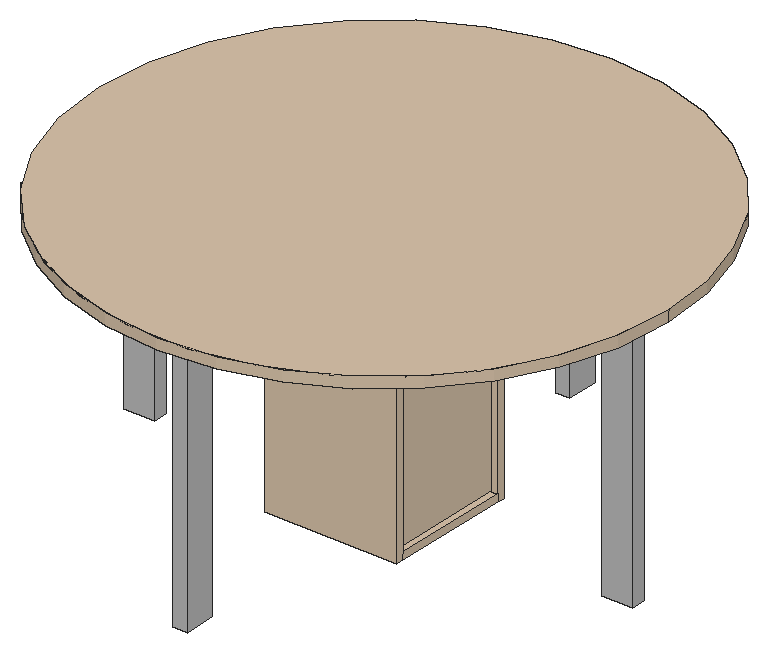
Revit family "Haworth_Planes_ConferenceTable_RoundOnePiece", category Furniture Systems, Revit 2018
Family settings
  Round Connector Dimension = Use Diameter
  Part Type = Normal
  OmniClass Number = 23.40.70.14.64.21
  OmniClass Title = Systems Furniture
  Work Plane-Based = No
  Always vertical = Yes
  Cut with Voids When Loaded = No
  Shared = No
  Room Calculation Point = No
Parameters (values of type "60dia")
  Warranty = "http://www.haworth.com/resources/product-info/warranties"
  URL - Product = "http://www.haworth.com/products/tables/conference/planes"
  Table Finish [instance] = Haworth _ Laminate _ Maple H-AE
  Table Edge Finish [instance] = Haworth _ Laminate _ Maple H-AE
  Sustainability Info = "http://www.haworth.com/company-info/sustainablility"
  Support Post Standard = yes
  Support Finish [instance] = Haworth _ Paint _ Metallic Champagne
  Radius = Actual Diameter / 2  # 30"
  Min Diameter = 42"  # constant formula
  Max Diameter = 72"  # constant formula
  Knife Edge = not(Edgeband)  # no
  Flip Top Finish = Haworth _ Paint _ Metallic Champagne
  Edgeband = yes
  Diameter = 60"
  Opening Single Wide = no
  Opening Single = and(not(or(Opening Single Wide, Opening Double, Opening Double Wide)), or(Cutout, Flip Top))  # no
  Opening Double Wide = no
  Opening Double = no
  Model = "TARN"  # constant formula
  Flip Top = no
  Description = "Haworth - Planes - Conference - Table Round - One Piece"
  Cutout = no
  URL = "www.haworth.com"
  Table Thickness = 1 3/16"  # constant formula
  Support Spacing - From Edge = Radius - 3 3/16"  # 26 13/16"
  Size = "Verify Final Dim. w/ Haworth"  # constant formula
  Revision Number = "4"  # constant formula
  Min/Max Diameter = "42-72 in. @ 6 in. increments"  # constant formula
  Manufacturer = "Haworth"  # constant formula
  Leg Height = Actual Height - Table Thickness  # 27 13/16"
  Custom Size = not(or(Diameter = 42", Diameter = 48", Diameter = 54", Diameter = 60"))  # no
  Cable Base Finish [instance] = Haworth _ Laminate _ Maple H-AE
  Cable Base 14x14 = Actual Diameter > 41"  # yes
  Cable Base = yes
  Author = "Haworth (Hampton, Alias)"  # constant formula
  Assembly Code = "E2020200"
  Actual Height = 29"  # constant formula
  Actual Diameter = if(Diameter < Min Diameter, Min Diameter, if(Diameter > Max Diameter, Max Diameter, Diameter))  # 60"
Types (4): name | Radius | Diameter | Support Spacing - From Edge | Actual Diameter
  42dia | 21" | 42" | 17 13/16" | 42"
  48dia | 24" | 48" | 20 13/16" | 48"
  54dia | 27" | 54" | 23 13/16" | 54"
  60dia | 30" | 60" | 26 13/16" | 60"
Reference planes (in)
  plane 1 "Center F/B": y = 0
  plane 2: z = 0
  plane 3 "Top": z = 29
  plane 4: x = 0
  plane 5: z = 27.5
Forms (in)
  Extrusion 1, solid, material "Haworth _ Paint _ Metallic Champagne" <- "Support Finish", visible <- "Support Post Standard"
    sketch origin (-8.5, -9.94819, 0) x (1, 0, 0) y (0, 1, 0)
      loop
        line (7.75, -16.86431) -> (9.25, -16.86431) -> (9.25, -13.61431) -> (7.75, -13.61431) -> (7.75, -16.86431)
    from 0 to 27.5
  Extrusion 2, solid, material "Haworth _ Paint _ Metallic Champagne" <- "Support Finish", visible <- "Support Post Standard"
    sketch origin (-9.94819, 8.5, 0) x (0, -1, 0) y (1, 0, 0)
      loop
        line (7.75, -16.86431) -> (9.25, -16.86431) -> (9.25, -13.61431) -> (7.75, -13.61431) -> (7.75, -16.86431)
    from 0 to 27.5
  Extrusion 3, solid, material "Haworth _ Paint _ Metallic Champagne" <- "Support Finish", visible <- "Support Post Standard"
    sketch origin (4.94819, -8.5, -4) x (0, 1, 0) y (-1, 0, 0)
      loop
        line (7.75, -21.86431) -> (9.25, -21.86431) -> (9.25, -18.61431) -> (7.75, -18.61431) -> (7.75, -21.86431)
    from 4 to 31.5
  Extrusion 4, solid, material "Haworth _ Paint _ Metallic Champagne" <- "Support Finish", visible <- "Support Post Standard"
    sketch origin (8.5, 9.94819, 0) x (-1, 0, 0) y (0, -1, 0)
      loop
        line (7.75, -16.86431) -> (9.25, -16.86431) -> (9.25, -13.61431) -> (7.75, -13.61431) -> (7.75, -16.86431)
    from 0 to 27.5
Lines and regions (in)
  reference lines
    curve 1: circle (0, 0, 0) r 30 normal (0, 0, 1)
    curve 2: circle (0, 0, 0) r 26.8125 normal (0, 0, 1)
Dimensions and locks (in)
  "Actual Height": plane 3 "Top" to level
  locked: plane 4 to Extrusion 1 at 0.75
  locked: Extrusion 1 to plane 4 at 0.75
  locked: Extrusion 3 to plane 1 "Center F/B" at 0.75  (x2)
  locked: curve 2 to Extrusion 3 at 0
  locked: plane 4 to Extrusion 4 at 0.75
  locked: Extrusion 4 to plane 4 at 0.75
  locked: Extrusion 4 to curve 2 at 0
  locked: Extrusion 2 to plane 1 "Center F/B" at 0.75  (x2)
  locked: Extrusion 2 to curve 2 at 0
  locked: plane 3 "Top" to plane 5 at 1.5
  locked: Extrusion 1 to curve 2 at 0
  "Radius": radius of curve 1
  "Support Spacing - From Edge": radius of curve 2
  aligned and locked: plane 2 to nested 2
  aligned and locked: plane 1 "Center F/B" to nested 2
  aligned and locked: plane 2 to nested 3
  aligned and locked: nested 3 to plane 4
  aligned and locked: plane 1 "Center F/B" to nested 3
  aligned and locked: nested 1 to plane 3 "Top"
  aligned and locked: Extrusion 2 to plane 2
  aligned and locked: Extrusion 3 to plane 2
  aligned and locked: Extrusion 3 to plane 5
  aligned and locked: plane 5 to Extrusion 2
  aligned and locked: Extrusion 1 to plane 2
  aligned and locked: Extrusion 4 to plane 2
Automatic sketch dimensions
  Extrusion 1 sketch curve to Extrusion 1 sketch curve = 1 1/2"
  Extrusion 1 sketch curve to Extrusion 1 sketch curve = 3 1/4"
  curve 1 to curve 2 = 0"  (x2)
  plane 1 "Center F/B" to curve 2 = 0"
  curve 2 to plane 4 = 0"
  Extrusion 2 sketch curve to Extrusion 2 sketch curve = 1 1/2"
  Extrusion 2 sketch curve to Extrusion 2 sketch curve = 3 1/4"
  Extrusion 3 sketch curve to Extrusion 3 sketch curve = 1 1/2"
  Extrusion 3 sketch curve to Extrusion 3 sketch curve = 3 1/4"
  Extrusion 4 sketch curve to Extrusion 4 sketch curve = 1 1/2"
  Extrusion 4 sketch curve to Extrusion 4 sketch curve = 3 1/4"
  Extrusion 3 sketch curve to plane 4 = 26 13/16"
  plane 1 "Center F/B" to Extrusion 3 sketch curve = 3/4"
Nested families (in)
  nested 1: "Haworth-Flip Top" at (-0.57037, -0.05249, 0), visible <- "Flip Top", type "Flip Top"
  nested 2: "Haworth_Conference_Worksurface_Round_Part" at (0.05078, -15, 0), type "Worksurface"
    with Radius 2 28", Radius 30", Opening Single Wide no, Opening Single no, Opening Double Wide no, Opening Double no, Knife Edge no, Edgeband yes, Cutout Width 8", Cutout Dimension 1", Cutout Depth 4", Cutout no, Actual Width 60", Actual Depth 60"
  nested 3: "Haworth_Planes_ConferenceCableBase_Part" at (0, -3.625, 0), visible <- "Cable Base", type "Base"
    with Actual Depth 14", 8 x 14 no, 14 x 14 yes
Definition of nested family "Haworth-Flip Top"
  Parameters
    Warranty = ""
    URL - Product = ""
    URL = ""
    Sustainability Info = ""
    Size = "Verify Final Dim. w/ Haworth"  # constant formula
    Single Sided = no
    Single Sided Wide = no
    Revision Number = ""
    OmniClass Number = ""
    Material Options = ""
    Manufacturer = "Haworth"  # constant formula
    LEED Data = ""
    Flip Top Finish = none
    Double Sided = no
    Double Sided Wide = no
    Author = "SHAPE Environments, LLC"  # constant formula
    Assembly Code = ""
    Actual Width = if(or(Double Sided Wide, Single Sided Wide), 11 1/4", 8 5/16")  # 8 5/16"
    Actual Height = 29"
    Actual Depth = if(or(Double Sided Wide, Double Sided), 8", 4 3/8")  # 4 3/8"
  Reference planes (in)
    plane 1 "Center F/B": y = 0.05249
    plane 2: z = 0
    plane 3 "Center L/R": x = 0.57037
    plane 4 "Back": y = 2.23999
    plane 5 "Right": x = 4.72662
    plane 6 "Front": y = -2.13501
    plane 7 "Left": x = -3.58588
    plane 8 "Table Height": z = 29
  Forms (in)
    Extrusion 1, solid, material <- "Flip Top Finish"
      sketch origin (0, 0, 29) x (-1, 0, 0) y (0, -1, 0)
        loop
          line (3.58588, -2.23999) -> (3.58588, 2.13501) -> (-4.72662, 2.13501) -> (-4.72662, -2.23999) -> (3.58588, -2.23999)
      from 0 to 0.125
    Extrusion 2, solid, material <- "Flip Top Finish"
      sketch origin (0, 0, 29) x (-1, 0, 0) y (0, -1, 0)
        loop
          line (3.46088, -2.05249) -> (3.46088, 1.94751) -> (-4.60162, 1.94751) -> (-4.60162, -2.05249) -> (3.46088, -2.05249)
      from 0 to -2.75
  Cuts and joins
    joined: Extrusion 1, Extrusion 2
  Lines and regions (in)
    symbolic lines
      curve 1: line (-3.58588, 2.23999, 29) -> (4.72662, 2.23999, 29)
      curve 2: line (-3.58588, -2.13501, 29) -> (-3.58588, 2.23999, 29)
      curve 3: line (4.72662, -2.13501, 29) -> (-3.58588, -2.13501, 29)
      curve 4: line (4.72662, 2.23999, 29) -> (4.72662, -2.13501, 29)
  Dimensions and locks (in)
    equal spacing: plane 7 "Left", plane 3 "Center L/R", plane 5 "Right"
    "Actual Width": plane 7 "Left" to plane 5 "Right"
    equal spacing: plane 6 "Front", plane 1 "Center F/B", plane 4 "Back"
    "Actual Depth": plane 4 "Back" to plane 6 "Front"
    plane 7 "Left" to Extrusion 2 sketch curve = 1/8"
    plane 4 "Back" to Extrusion 2 sketch curve = 3/16"
    Extrusion 2 sketch curve to plane 5 "Right" = 1/8"
    Extrusion 2 sketch curve to plane 6 "Front" = 3/16"
    "Actual Height": plane 8 "Table Height" to level
    aligned and locked: plane 7 "Left" to Extrusion 1 sketch curve
    aligned and locked: Extrusion 1 sketch curve to plane 4 "Back"
    aligned and locked: plane 6 "Front" to Extrusion 1 sketch curve
    aligned and locked: Extrusion 1 sketch curve to plane 5 "Right"
  Automatic sketch dimensions
    curve 4 to plane 5 "Right" = 0"
    curve 2 to plane 4 "Back" = 0"
    curve 2 to plane 7 "Left" = 0"
    curve 4 to plane 6 "Front" = 0"
Definition of nested family "Haworth_Conference_Worksurface_Round_Part"
  Parameters (values of type "Worksurface")
    Warranty = "http://www.haworth.com/resources/product-info/warranties"
    URL - Product = "https://www.haworth.com/products/tables/conference/planes"
    URL = "www.haworth.com"
    Thickness = 1 3/16"  # constant formula
    Table Finish = none
    Table Edge Finish = none
    Size = "Verify Final Dim. w/ Haworth"  # constant formula
    Revision Number = ""
    Radius 2 = Radius - 2"  # 22"
    Radius = Actual Width / 2  # 24"
    Opening Single Wide = yes
    Opening Single = yes
    Opening Double Wide = yes
    Opening Double = yes
    Model = "Haworth Planes"  # constant formula
    Manufacturer = "Haworth"  # constant formula
    Knife Edge = yes
    Edgeband = no
    Description = "Haworth Planes Conference Worksurface - Part"
    Cutout Width = if(or(Opening Single Wide, Opening Double Wide), 11", 8")  # 11"
    Cutout Dimension = if(Cutout, 3", 1")  # 3"
    Cutout Depth = if(or(Opening Double, Opening Double Wide), 7 11/16", 4")  # 7 11/16"
    Cutout = yes
    Author = "Haworth (Alias)"  # constant formula
    Assembly Code = ""
    Actual Width = 48"
    Actual Height = 29"
    Actual Depth = 48"
  Reference planes (in)
    plane 1 "Center F/B": y = 15
    plane 2: z = 0
    plane 3 "Center L/R": x = 0
    plane 4 "Table Front": y = 39
    plane 5 "Table Right": x = 24
    plane 6 "Table Left": x = -24
    plane 7 "Table Back": y = -9
    plane 8 "Table Top": z = 29
    plane 9 "Table Bottom": z = 27.8125
    plane 10 "Knife Edge Middle": z = 28.625
    plane 11 "Support Right": x = 5.5
    plane 12 "Support Left": x = -5.5
    plane 13 "Support Front": y = 11.15625
    plane 14 "Support BAck": y = 18.84375
    plane 15 "Cutout Bottom": z = 27
    plane 16 "Cutout Top": z = 30
  Forms (in)
    Extrusion 1, solid, material <- "Table Finish", visible <- "Edgeband"
      sketch origin (0, 0, 0) x (1, 0, 0) y (0, 1, 0)
        loop
          circle (0, 15) r 24
      from 27.8125 to 29
    Extrusion 2, solid, material <- "Table Finish", visible <- "Knife Edge"
      sketch origin (0, 0, 0) x (1, 0, 0) y (0, 1, 0)
        loop
          circle (0, 15) r 24
      from 29 to 28.625
    Blend 3, solid, material <- "Table Finish", visible <- "Knife Edge"
      base sketch origin (0, 0, 0) x (1, 0, 0) y (0, 1, 0)
        loop
          circle (0, 15) r 22
      top sketch origin (0, 0, 0) x (1, 0, 0) y (0, 1, 0)
        loop
          circle (0, 15) r 24
      from 27.8125 to 28.625
    Extrusion 4, void
      sketch origin (0, 0, 0) x (1, 0, 0) y (0, 1, 0)
        loop
          line (-5.5, 18.84375) -> (-5.5, 11.15625) -> (5.5, 11.15625) -> (5.5, 18.84375) -> (-5.5, 18.84375)
      from 27 to 30
  Cuts and joins
    Extrusion 4 cuts Extrusion 2
    Extrusion 4 cuts Blend 3
    joined: Extrusion 2, Blend 3
    Extrusion 4 cuts Extrusion 1
  Lines and regions (in)
    Masking region 1
      outline origin (0, 0, 0) x (1, 0, 0) y (0, 1, 0)
        loop
          circle (0, 15) r 24
    symbolic lines, visible <- "Knife Edge", detail levels medium+fine
      curve 1: arc (-22, 15, 0) -> (0, 37, 0) -> (22, 15, 0) r 22
      curve 2: arc (22, 15, 0) -> (0, -7, 0) -> (-22, 15, 0) r 22
    symbolic lines, visible <- "Cutout", detail levels medium+fine
      curve 3: line (-5.5, 18.84375, 0) -> (5.5, 18.84375, 0)
      curve 4: line (-5.5, 11.15625, 0) -> (-5.5, 18.84375, 0)
      curve 5: line (5.5, 11.15625, 0) -> (-5.5, 11.15625, 0)
      curve 6: line (5.5, 18.84375, 0) -> (5.5, 11.15625, 0)
  Dimensions and locks (in)
    "Actual Depth": plane 7 "Table Back" to plane 4 "Table Front"
    "Actual Width": plane 6 "Table Left" to plane 5 "Table Right"
    equal spacing: plane 6 "Table Left", plane 3 "Center L/R", plane 5 "Table Right"
    equal spacing: plane 4 "Table Front", plane 1 "Center F/B", plane 7 "Table Back"
    "Thickness": plane 8 "Table Top" to plane 9 "Table Bottom"
    "Actual Height": plane 8 "Table Top" to level
    locked: plane 8 "Table Top" to plane 10 "Knife Edge Middle" at 0.375
    locked: plane 16 "Cutout Top" to plane 8 "Table Top" at 1
    "Cutout Dimension": plane 16 "Cutout Top" to plane 15 "Cutout Bottom"
    "Cutout Depth": plane 14 "Support BAck" to plane 13 "Support Front"
    "Cutout Width": plane 12 "Support Left" to plane 11 "Support Right"
    equal spacing: plane 12 "Support Left", plane 3 "Center L/R", plane 11 "Support Right"
    equal spacing: plane 14 "Support BAck", plane 1 "Center F/B", plane 13 "Support Front"
    "Radius": radius of Extrusion 1 sketch curve
    "Radius": radius of Extrusion 2 sketch curve
    "Radius": radius of Masking region 1 sketch curve
    "Radius": radius of Blend 3 sketch curve
    "Radius 2": radius of Blend 3 sketch curve
    aligned and locked: plane 8 "Table Top" to Extrusion 1
    aligned and locked: Extrusion 1 to plane 9 "Table Bottom"
    aligned and locked: cut or joined group of Extrusion 2, Blend 3, Extrusion 4 to plane 10 "Knife Edge Middle"
    aligned and locked: plane 8 "Table Top" to cut or joined group of Extrusion 2, Blend 3, Extrusion 4
    aligned and locked: Blend 3 to plane 10 "Knife Edge Middle"
    aligned and locked: Blend 3 to plane 9 "Table Bottom"
    aligned and locked: plane 1 "Center F/B" to Extrusion 1 sketch curve
    aligned and locked: plane 3 "Center L/R" to Extrusion 1 sketch curve
    aligned and locked: plane 3 "Center L/R" to Blend 3 sketch curve  (x2)
    aligned and locked: plane 1 "Center F/B" to Extrusion 2 sketch curve
    aligned and locked: plane 3 "Center L/R" to Extrusion 2 sketch curve
    aligned and locked: plane 1 "Center F/B" to Blend 3 sketch curve
    aligned and locked: curve 1 to cut or joined group of Extrusion 2, Blend 3, Extrusion 4
    aligned and locked: curve 2 to cut or joined group of Extrusion 2, Blend 3, Extrusion 4
    aligned and locked: curve 6 to plane 11 "Support Right"
    aligned and locked: curve 5 to plane 13 "Support Front"
    aligned and locked: curve 3 to plane 14 "Support BAck"
    aligned and locked: curve 4 to plane 12 "Support Left"
    aligned and locked: Extrusion 4 sketch curve to plane 14 "Support BAck"
    aligned and locked: Extrusion 4 sketch curve to plane 12 "Support Left"
    aligned and locked: Extrusion 4 sketch curve to plane 13 "Support Front"
    aligned and locked: Extrusion 4 sketch curve to plane 11 "Support Right"
    aligned and locked: plane 16 "Cutout Top" to Extrusion 4
    aligned and locked: plane 15 "Cutout Bottom" to Extrusion 4
  Automatic sketch dimensions
    plane 1 "Center F/B" to Masking region 1 sketch curve = 0"
    Masking region 1 sketch curve to plane 3 "Center L/R" = 0"
    plane 1 "Center F/B" to Blend 3 sketch curve = 0"
Definition of nested family "Haworth_Planes_ConferenceCableBase_Part"
  Parameters (values of type "Base")
    Warranty = "http://www.haworth.com/resources/product-info/warranties"
    URL - Product = "http://www.haworth.com/products/tables/conference/planes"
    URL = "www.haworth.com"
    Sustainability Info = "https://www.haworth.com/company-info/sustainability"
    Size = "Verify Final Dim. w/ Haworth"  # constant formula
    Revision Number = "3"  # constant formula
    Model = "Haworth - Planes - Cable Base"  # constant formula
    Min. Height = 27 13/16"  # constant formula
    Max. Height = 27 13/16"  # constant formula
    Manufacturer = "Haworth"  # constant formula
    Description = "Haworth - Planes - Cable Base"  # constant formula
    Base Finish = none
    Author = "SHAPE Environments, LLC"  # constant formula
    Assembly Code = "E2020200"
    Actual Width = 14"  # constant formula
    Actual Height = 27 13/16"
    Actual Depth = if([8 x 14], 8", 14")  # 8"
    8 x 14 = not([14 x 14])  # yes
    14 x 14 = no
  Reference planes (in)
    plane 1 "Center F/B": y = 3.625
    plane 2: z = 0
    plane 3 "Center L/R": x = 0
    plane 4 "Left": x = -7
    plane 5 "Right": x = 7
    plane 6 "Front": y = -0.375
    plane 7 "Top": z = 27.8125
    plane 8 "Back": y = 7.625
    plane 9: y = 6.875
    plane 10: x = 6.25
    plane 11: x = -6.25
    plane 12: y = 0.375
    plane 13: z = 27.0625
    plane 14: x = 5.5
    plane 15: x = -5.5
  Forms (in)
    Extrusion 1, solid, material <- "Base Finish"
      sketch origin (0, 0, 0) x (1, 0, 0) y (0, 1, 0)
        loop
          line (-7, 7.625) -> (-7, 6.875) -> (7, 6.875) -> (7, 7.625) -> (-7, 7.625)
        loop
          line (-7, 0.375) -> (-7, -0.375) -> (7, -0.375) -> (7, 0.375) -> (-7, 0.375)
      from 0 to 27.8125
    Extrusion 2, solid, material <- "Base Finish"
      sketch origin (0, 0, 0) x (1, 0, 0) y (0, 1, 0)
        loop
          line (-6.25, 6.875) -> (-6.25, 0.375) -> (-5.5, 0.375) -> (-5.5, 6.875) -> (-6.25, 6.875)
        loop
          line (6.25, 6.875) -> (5.5, 6.875) -> (5.5, 0.375) -> (6.25, 0.375) -> (6.25, 6.875)
      from 0 to 27.0625
    Extrusion 3, solid, material <- "Base Finish"
      sketch origin (0, 0, 0) x (1, 0, 0) y (0, 1, 0)
        loop
          line (-7, 6.875) -> (-7, 0.375) -> (7, 0.375) -> (7, 6.875) -> (-7, 6.875)
        loop
          line (-4, 4.625) -> (-4, 2.625) -> (4, 2.625) -> (4, 4.625) -> (-4, 4.625)
      from 0 to 0.75
  Cuts and joins
    joined: Extrusion 2, Extrusion 3
  Lines and regions (in)
    Masking region 1, detail levels fine
      outline origin (0, 0, 0) x (1, 0, 0) y (0, 1, 0)
        loop
          line (-7, 9.625) -> (-7, -0.375) -> (7, -0.375) -> (7, 9.625) -> (-7, 9.625)
        loop
          line (-4, 4.625) -> (-4, 2.625) -> (4, 2.625) -> (4, 4.625) -> (-4, 4.625)
  Dimensions and locks (in)
    equal spacing: plane 8 "Back", plane 1 "Center F/B", plane 6 "Front"
    "Actual Depth": plane 8 "Back" to plane 6 "Front"
    equal spacing: plane 4 "Left", plane 3 "Center L/R", plane 5 "Right"
    "Actual Width": plane 4 "Left" to plane 5 "Right"
    "Actual Height": plane 7 "Top" to level
    locked: plane 4 "Left" to plane 11 at 0.75
    locked: plane 10 to plane 5 "Right" at 0.75
    locked: plane 8 "Back" to plane 9 at 0.75
    locked: plane 12 to plane 6 "Front" at 0.75
    locked: plane 7 "Top" to plane 13 at 0.75
    Extrusion 2 sketch curve to plane 10 = 3/4"
    plane 11 to Extrusion 2 sketch curve = 3/4"
    Extrusion 3 sketch curve to plane 6 "Front" = 3"
    Extrusion 3 sketch curve to plane 8 "Back" = 3"
    plane 4 "Left" to Extrusion 3 sketch curve = 3"
    Extrusion 3 sketch curve to plane 5 "Right" = 3"
    aligned and locked: plane 4 "Left" to Extrusion 1 sketch curve  (x2)
    aligned and locked: Extrusion 1 sketch curve to plane 8 "Back"
    aligned and locked: plane 9 to Extrusion 1 sketch curve
    aligned and locked: plane 5 "Right" to Extrusion 1 sketch curve  (x2)
    aligned and locked: plane 6 "Front" to Extrusion 1 sketch curve
    aligned and locked: Extrusion 1 sketch curve to plane 12
    aligned and locked: plane 7 "Top" to Extrusion 1
    aligned and locked: plane 11 to Extrusion 2 sketch curve
    aligned and locked: Extrusion 2 sketch curve to plane 9
    aligned and locked: plane 12 to Extrusion 2 sketch curve  (x2)
    aligned and locked: plane 10 to Extrusion 2 sketch curve
    aligned and locked: plane 9 to Extrusion 2 sketch curve
    aligned and locked: plane 13 to Extrusion 2
    aligned and locked: Masking region 1 sketch curve to Extrusion 3  (x5)
    aligned and locked: Extrusion 3 to Masking region 1 sketch curve
    aligned and locked: plane 12 to Extrusion 3 sketch curve
    aligned and locked: Extrusion 3 sketch curve to plane 9
    aligned and locked: cut or joined group of Extrusion 2, Extrusion 3 to plane 2
    aligned and locked: Extrusion 2 to plane 14
    aligned and locked: plane 15 to Extrusion 2
    aligned and locked: Extrusion 1 to plane 2
  Automatic sketch dimensions
    Extrusion 3 sketch curve to plane 4 "Left" = 0"
    Extrusion 3 sketch curve to plane 5 "Right" = 0"
    Masking region 1 sketch curve to plane 6 "Front" = 0"
    plane 8 "Back" to Masking region 1 sketch curve = 2"
